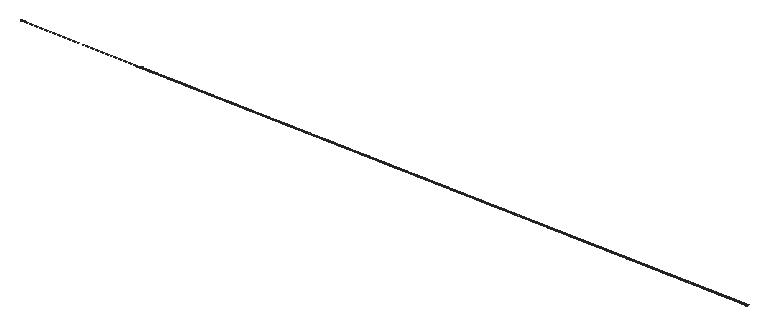
Revit family "Flex Pro IP20_0068183-86", category Lighting Fixtures, host Face, Revit 2017
Family settings
  Host = Face
  Round Connector Dimension = Use Diameter
  Part Type = Normal
  OmniClass Number = 23.80.70.00
  OmniClass Title = Lighting
  Cut with Voids When Loaded = No
  Light Source = Yes
  Shared = No
  Room Calculation Point = No
Parameters (values of type "0068185 FLEX PRO IP20 9700LM 940")
  Weight = "2.0 kg"
  Wattage Comments = ""
  Wattage = 72 W
  WarrantyStartDate [instance] = "n/a"
  WarrantyGuarantorParts = "n/a"
  WarrantyDurationUnit = "n/a"
  WarrantyDurationParts = "n/a"
  WarrantyDescription = "n/a"
  built-in parameter 1150110 = 1 (stored number, unit not read)
  Voltage = 0 V
  URL = "http://www.sylvania-lighting.com"
  TypeName = "Flex Pro IP20 9700lm 940"
  Type Image = <None>
  Type Comments = "n/a"
  built-in parameter 1114217 = 1 (stored number, unit not read)
  Tilt Angle = -90.00°
  built-in parameter 1150109 = 1 (stored number, unit not read)
  built-in parameter 1150134 = 12
  built-in parameter 1150113 = 1 (stored number, unit not read)
  SerialNumber [instance] = "n/a"
  Photometric Web File = "0068185.ies"
  PHOTOMETRY3_SYL = 0 mm
  PHOTOMETRY2_SYL = LUM_WIDTH_SYL  # 5 mm
  PHOTOMETRY1_SYL = LUM_LENGHT_SYL / 2  # 2500 mm
  Material_3_SYL = none
  PowerFactor = 0
  PowerConsumption = "72 W"
  NominalLength = 5000 mm
  NominalHeight = 1.2 mm
  NominalDepth = 10 mm
  Name = "Flex Pro IP20 9700lm 940"
  ModelReference = Name  # "Flex Pro IP20 9700lm 940"
  ModelNumber = "0068185"
  Model = Name  # "Flex Pro IP20 9700lm 940"
  Material = "n/a"
  ManufacturerName = "Feilo Sylvania"
  Manufacturer = "Feilo Sylvania"
  LuminousEfficacy = "133 lm/W"
  built-in parameter 1150105 = 762.03 (stored number, unit not read)
  Lumens = 9576 lm
  LuminaireType = ""
  built-in parameter 1150115 = 1 (stored number, unit not read)
  LightOutputRatio = "n/a"
  built-in parameter 1150137 = (empty or 0)
  built-in parameter 1150139 = (empty or 0)
  LampsType = Lamp  # "LED"
  LampNominalLuminous = "9700 lm"
  LampMacAdamStep = "n/a"
  LampColourTemperature = "4000 K"
  LampColourRenderingIndex = "90"
  built-in parameter 1150112 = 1 (stored number, unit not read)
  built-in parameter 1150114 = 1 (stored number, unit not read)
  Lamp = "LED"
  LUM_WIDTH_SYL = 5 mm
  LUM_LENGHT_SYL!!!! = "MUST BE DIVISIBLE WITH 100"
  LUM_LENGHT_SYL = 5000 mm  # constant formula
  LED_CH_S_WIDTH_SYL = 1.5 mm
  LED_CH_S_DEPTH2_SYL = 1.1 mm
  LED_CH_S_DEPTH1_SYL = 1.2 mm
  LED_CH_L_WIDTH_SYL = 1.7 mm
  LED_CH_L_DIST_SYL = 12.5 mm
  LED_CH_L_DIST1_SYL = 51.7 mm
  LED_CH_L_DEPTH_SYL = 1.4 mm
  Keynote = "16500"
  InstallationDate [instance] = "n/a"
  InputVoltage = "n/a"
  InputNominalFrequency = "n/a"
  built-in parameter 1150132 = (empty or 0)
  built-in parameter 1150102 = (empty or 0)
  built-in parameter 1150107 = 4000 (stored number, unit not read)
  built-in parameter 1150138 = (empty or 0)
  IngressProtection = "IP20"
  ImpactProtectionIndex = "IK00"
  built-in parameter 1150106 = 7.6203 (stored number, unit not read)
  IfcExportType = "IfcLightFixtureType"
  IfcExportAs = "IfcLightFixtureType"
  Emit from Circle Diameter = 609.6 mm
  Emit Shape Visible in Rendering = no
  ElectricShockClassification = "Class III"
  built-in parameter 1150104 = 12.356 (stored number, unit not read)
  DocumentationLiterature = "http://www.sylvania-lighting.com/product/en-int/products/0068185"
  DimmingControlOptions = "n/a"
  Material_2_SYL = Default New Material
  Dimming Lamp Color Temperature Shift = <None>
  Description = ""
  Default Elevation = 1219.2 mm
  CreatedOn = "10/16/2020"
  CreatedBy = "@sylvania-lighting.com"
  Cost = 0
  Color Filter = 16777215
  built-in parameter 1114216 [instance] = (empty or 0)
  ClassificationValue = "EF_70_80"
  ClassificationName = "Uniclass2015"
  Material_1_SYL = Default
  CABLE_LENGHT_SYL = 1000 mm
  CABLE_FIX_SYL = 1 mm
  CABLE_END_SYL = 15 mm
  CABLE_DIST_SYL = 1.5 mm
  CABLE_DIST2_SYL = 1.5 mm
  CABLE_BLEND_SYL = 20 mm
  BarCode [instance] = "n/a"
  built-in parameter 1114218 = 1 (stored number, unit not read)
  built-in parameter 1150133 = 10 (stored number, unit not read)
  AssetType = "Fixed"
  AssetIdentifier [instance] = "n/a"
  Assembly Code = "D5020200"
  Apparent Load = 72 VA
  Material_4_SYL = none
Reference planes
  plane 1 "Center (Front/Back)": y = 0
  plane 2: z = 0
  plane 3 "Center (Left/Right)": x = 0
  plane 4: x = 5000
  plane 5: y = 5
  plane 6: y = -5
  plane 7: x = 1
  plane 8: x = -1000
  plane 9: x = -20
  plane 10: x = -985
  plane 11: y = 1.5
  plane 12: y = -1.5
  plane 13: y = 3.5
  plane 14: y = -3.5
  plane 15: y = 1.7
  plane 16: y = -1.7
  plane 17: y = 1.5
  plane 18: y = -1.5
  plane 19: x = 51.7
  plane 20: x = 64.2
  plane 21: x = 76.7
  plane 22: x = 89.2
  plane 23: x = 101.7
  plane 24: x = 114.2
  plane 25: x = 126.7
  plane 26: x = 139.2
  plane 27: x = 9.4
  plane 28: x = 6.6
  plane 29: x = 19.1
  plane 30: x = 21.9
  plane 31: x = 34.4
  plane 32: x = 31.6
  plane 33: x = 44.1
  plane 34: x = 46.9
  plane 35: x = 56.6
  plane 36: x = 59.4
  plane 37: x = 69.1
  plane 38: x = 71.9
  plane 39: x = 81.6
  plane 40: x = 84.4
  plane 41: x = 94.1
  plane 42: x = 96.9
  plane 43: x = 52.9
  plane 44: x = 50.6
Forms (mm)
  Extrusion 1, solid, material "Default" <- "Material_1_SYL"
    sketch origin (0, 0, 0) x (1, 0, 0) y (0, 1, 0)
      loop
        line (0, 5) -> (0, -5) -> (5000, -5) -> (5000, 5) -> (0, 5)
    from -0.9 to -1.2
  Sweep 2, solid, material "Default New Material" <- "Material_2_SYL"
    path origin (0, 0, 0) x (1, 0, 0) y (0, 1, 0)
      loop
        line (1, 3.5) -> (0, 3.5) -> (-20, 1.5) -> (-985, 1.5)
    profile origin (-10, 2.5, 0) x (0.099504, -0.995037, 0) y (0, 0, 1)
      loop
        circle (0, 0) r 1.399
  Sweep 3, solid, material "Default New Material" <- "Material_2_SYL"
    path origin (0, 0, 0) x (1, 0, 0) y (0, 1, 0)
      loop
        line (1, -3.5) -> (0, -3.5) -> (-20, -1.5) -> (-985, -1.5)
    profile origin (-10, -2.5, 0) x (-0.099504, -0.995037, 0) y (0, 0, 1)
      loop
        circle (0, 0) r 1.353
  Revolve 4, solid
    sketch origin (0, 0, 0) x (1, 0, 0) y (0, 1, 0)
      loop
        line (-985, 1.5) -> (-985, 2.444) -> (-1000, 2.444) -> (-1000, 1.5) -> (-985, 1.5)
      axis (-985, 1.5) -> (-1000, 1.5)
    angle from 360 to 0
  Revolve 5, solid
    sketch origin (0, 0, 0) x (1, 0, 0) y (0, 1, 0)
      loop
        line (-985, -1.5) -> (-1000, -1.5) -> (-1000, -2.423) -> (-985, -2.423) -> (-985, -1.5)
      axis (-985, -1.5) -> (-1000, -1.5)
    angle from 360 to 0
  Extrusion 6, solid
    sketch origin (0, 0, 0) x (1, 0, 0) y (0, 1, 0)
      loop
        line (9.4, -1.7) -> (9.4, 1.7) -> (6.6, 1.7) -> (6.6, -1.7) -> (9.4, -1.7)
      loop
        line (19.1, 1.7) -> (19.1, -1.7) -> (21.9, -1.7) -> (21.9, 1.7) -> (19.1, 1.7)
      loop
        line (34.4, -1.7) -> (34.4, 1.7) -> (31.6, 1.7) -> (31.6, -1.7) -> (34.4, -1.7)
      loop
        line (46.9, -1.7) -> (46.9, 1.7) -> (44.1, 1.7) -> (44.1, -1.7) -> (46.9, -1.7)
      loop
        line (59.4, -1.7) -> (59.4, 1.7) -> (56.6, 1.7) -> (56.6, -1.7) -> (59.4, -1.7)
      loop
        line (71.9, -1.7) -> (71.9, 1.7) -> (69.1, 1.7) -> (69.1, -1.7) -> (71.9, -1.7)
      loop
        line (84.4, -1.7) -> (84.4, 1.7) -> (81.6, 1.7) -> (81.6, -1.7) -> (84.4, -1.7)
      loop
        line (96.9, -1.7) -> (96.9, 1.7) -> (94.1, 1.7) -> (94.1, -1.7) -> (96.9, -1.7)
    from -1.2 to 0
  Extrusion 7, solid
    sketch origin (0, 0, 0) x (1, 0, 0) y (0, 1, 0)
      loop
        line (52.9, -1.5) -> (52.9, 1.5) -> (50.6, 1.5) -> (50.6, -1.5) -> (52.9, -1.5)
    from -1.2 to -0.5
  Extrusion 8, solid
    sketch origin (4896.4, 0, 0) x (1, 0, 0) y (0, 1, 0)
      loop
        line (9.4, -1.7) -> (9.4, 1.7) -> (6.6, 1.7) -> (6.6, -1.7) -> (9.4, -1.7)
      loop
        line (19.1, 1.7) -> (19.1, -1.7) -> (21.9, -1.7) -> (21.9, 1.7) -> (19.1, 1.7)
      loop
        line (34.4, -1.7) -> (34.4, 1.7) -> (31.6, 1.7) -> (31.6, -1.7) -> (34.4, -1.7)
      loop
        line (46.9, -1.7) -> (46.9, 1.7) -> (44.1, 1.7) -> (44.1, -1.7) -> (46.9, -1.7)
      loop
        line (59.4, -1.7) -> (59.4, 1.7) -> (56.6, 1.7) -> (56.6, -1.7) -> (59.4, -1.7)
      loop
        line (71.9, -1.7) -> (71.9, 1.7) -> (69.1, 1.7) -> (69.1, -1.7) -> (71.9, -1.7)
      loop
        line (84.4, -1.7) -> (84.4, 1.7) -> (81.6, 1.7) -> (81.6, -1.7) -> (84.4, -1.7)
      loop
        line (96.9, -1.7) -> (96.9, 1.7) -> (94.1, 1.7) -> (94.1, -1.7) -> (96.9, -1.7)
    from -1.2 to 0
  Extrusion 9, solid
    sketch origin (99.927, 0, 0) x (1, 0, 0) y (0, 1, 0)
      loop
        line (9.4, -1.7) -> (9.4, 1.7) -> (6.6, 1.7) -> (6.6, -1.7) -> (9.4, -1.7)
      loop
        line (19.1, 1.7) -> (19.1, -1.7) -> (21.9, -1.7) -> (21.9, 1.7) -> (19.1, 1.7)
      loop
        line (34.4, -1.7) -> (34.4, 1.7) -> (31.6, 1.7) -> (31.6, -1.7) -> (34.4, -1.7)
      loop
        line (46.9, -1.7) -> (46.9, 1.7) -> (44.1, 1.7) -> (44.1, -1.7) -> (46.9, -1.7)
      loop
        line (59.4, -1.7) -> (59.4, 1.7) -> (56.6, 1.7) -> (56.6, -1.7) -> (59.4, -1.7)
      loop
        line (71.9, -1.7) -> (71.9, 1.7) -> (69.1, 1.7) -> (69.1, -1.7) -> (71.9, -1.7)
      loop
        line (84.4, -1.7) -> (84.4, 1.7) -> (81.6, 1.7) -> (81.6, -1.7) -> (84.4, -1.7)
      loop
        line (96.9, -1.7) -> (96.9, 1.7) -> (94.1, 1.7) -> (94.1, -1.7) -> (96.9, -1.7)
    from -1.2 to 0
  Extrusion 10, solid
    sketch origin (199.853, 0, 0) x (1, 0, 0) y (0, 1, 0)
      loop
        line (9.4, -1.7) -> (9.4, 1.7) -> (6.6, 1.7) -> (6.6, -1.7) -> (9.4, -1.7)
      loop
        line (19.1, 1.7) -> (19.1, -1.7) -> (21.9, -1.7) -> (21.9, 1.7) -> (19.1, 1.7)
      loop
        line (34.4, -1.7) -> (34.4, 1.7) -> (31.6, 1.7) -> (31.6, -1.7) -> (34.4, -1.7)
      loop
        line (46.9, -1.7) -> (46.9, 1.7) -> (44.1, 1.7) -> (44.1, -1.7) -> (46.9, -1.7)
      loop
        line (59.4, -1.7) -> (59.4, 1.7) -> (56.6, 1.7) -> (56.6, -1.7) -> (59.4, -1.7)
      loop
        line (71.9, -1.7) -> (71.9, 1.7) -> (69.1, 1.7) -> (69.1, -1.7) -> (71.9, -1.7)
      loop
        line (84.4, -1.7) -> (84.4, 1.7) -> (81.6, 1.7) -> (81.6, -1.7) -> (84.4, -1.7)
      loop
        line (96.9, -1.7) -> (96.9, 1.7) -> (94.1, 1.7) -> (94.1, -1.7) -> (96.9, -1.7)
    from -1.2 to 0
  Extrusion 11, solid
    sketch origin (299.78, 0, 0) x (1, 0, 0) y (0, 1, 0)
      loop
        line (9.4, -1.7) -> (9.4, 1.7) -> (6.6, 1.7) -> (6.6, -1.7) -> (9.4, -1.7)
      loop
        line (19.1, 1.7) -> (19.1, -1.7) -> (21.9, -1.7) -> (21.9, 1.7) -> (19.1, 1.7)
      loop
        line (34.4, -1.7) -> (34.4, 1.7) -> (31.6, 1.7) -> (31.6, -1.7) -> (34.4, -1.7)
      loop
        line (46.9, -1.7) -> (46.9, 1.7) -> (44.1, 1.7) -> (44.1, -1.7) -> (46.9, -1.7)
      loop
        line (59.4, -1.7) -> (59.4, 1.7) -> (56.6, 1.7) -> (56.6, -1.7) -> (59.4, -1.7)
      loop
        line (71.9, -1.7) -> (71.9, 1.7) -> (69.1, 1.7) -> (69.1, -1.7) -> (71.9, -1.7)
      loop
        line (84.4, -1.7) -> (84.4, 1.7) -> (81.6, 1.7) -> (81.6, -1.7) -> (84.4, -1.7)
      loop
        line (96.9, -1.7) -> (96.9, 1.7) -> (94.1, 1.7) -> (94.1, -1.7) -> (96.9, -1.7)
    from -1.2 to 0
  Extrusion 12, solid
    sketch origin (399.706, 0, 0) x (1, 0, 0) y (0, 1, 0)
      loop
        line (9.4, -1.7) -> (9.4, 1.7) -> (6.6, 1.7) -> (6.6, -1.7) -> (9.4, -1.7)
      loop
        line (19.1, 1.7) -> (19.1, -1.7) -> (21.9, -1.7) -> (21.9, 1.7) -> (19.1, 1.7)
      loop
        line (34.4, -1.7) -> (34.4, 1.7) -> (31.6, 1.7) -> (31.6, -1.7) -> (34.4, -1.7)
      loop
        line (46.9, -1.7) -> (46.9, 1.7) -> (44.1, 1.7) -> (44.1, -1.7) -> (46.9, -1.7)
      loop
        line (59.4, -1.7) -> (59.4, 1.7) -> (56.6, 1.7) -> (56.6, -1.7) -> (59.4, -1.7)
      loop
        line (71.9, -1.7) -> (71.9, 1.7) -> (69.1, 1.7) -> (69.1, -1.7) -> (71.9, -1.7)
      loop
        line (84.4, -1.7) -> (84.4, 1.7) -> (81.6, 1.7) -> (81.6, -1.7) -> (84.4, -1.7)
      loop
        line (96.9, -1.7) -> (96.9, 1.7) -> (94.1, 1.7) -> (94.1, -1.7) -> (96.9, -1.7)
    from -1.2 to 0
  Extrusion 13, solid
    sketch origin (499.633, 0, 0) x (1, 0, 0) y (0, 1, 0)
      loop
        line (9.4, -1.7) -> (9.4, 1.7) -> (6.6, 1.7) -> (6.6, -1.7) -> (9.4, -1.7)
      loop
        line (19.1, 1.7) -> (19.1, -1.7) -> (21.9, -1.7) -> (21.9, 1.7) -> (19.1, 1.7)
      loop
        line (34.4, -1.7) -> (34.4, 1.7) -> (31.6, 1.7) -> (31.6, -1.7) -> (34.4, -1.7)
      loop
        line (46.9, -1.7) -> (46.9, 1.7) -> (44.1, 1.7) -> (44.1, -1.7) -> (46.9, -1.7)
      loop
        line (59.4, -1.7) -> (59.4, 1.7) -> (56.6, 1.7) -> (56.6, -1.7) -> (59.4, -1.7)
      loop
        line (71.9, -1.7) -> (71.9, 1.7) -> (69.1, 1.7) -> (69.1, -1.7) -> (71.9, -1.7)
      loop
        line (84.4, -1.7) -> (84.4, 1.7) -> (81.6, 1.7) -> (81.6, -1.7) -> (84.4, -1.7)
      loop
        line (96.9, -1.7) -> (96.9, 1.7) -> (94.1, 1.7) -> (94.1, -1.7) -> (96.9, -1.7)
    from -1.2 to 0
  Extrusion 14, solid
    sketch origin (599.559, 0, 0) x (1, 0, 0) y (0, 1, 0)
      loop
        line (9.4, -1.7) -> (9.4, 1.7) -> (6.6, 1.7) -> (6.6, -1.7) -> (9.4, -1.7)
      loop
        line (19.1, 1.7) -> (19.1, -1.7) -> (21.9, -1.7) -> (21.9, 1.7) -> (19.1, 1.7)
      loop
        line (34.4, -1.7) -> (34.4, 1.7) -> (31.6, 1.7) -> (31.6, -1.7) -> (34.4, -1.7)
      loop
        line (46.9, -1.7) -> (46.9, 1.7) -> (44.1, 1.7) -> (44.1, -1.7) -> (46.9, -1.7)
      loop
        line (59.4, -1.7) -> (59.4, 1.7) -> (56.6, 1.7) -> (56.6, -1.7) -> (59.4, -1.7)
      loop
        line (71.9, -1.7) -> (71.9, 1.7) -> (69.1, 1.7) -> (69.1, -1.7) -> (71.9, -1.7)
      loop
        line (84.4, -1.7) -> (84.4, 1.7) -> (81.6, 1.7) -> (81.6, -1.7) -> (84.4, -1.7)
      loop
        line (96.9, -1.7) -> (96.9, 1.7) -> (94.1, 1.7) -> (94.1, -1.7) -> (96.9, -1.7)
    from -1.2 to 0
  Extrusion 15, solid
    sketch origin (699.486, 0, 0) x (1, 0, 0) y (0, 1, 0)
      loop
        line (9.4, -1.7) -> (9.4, 1.7) -> (6.6, 1.7) -> (6.6, -1.7) -> (9.4, -1.7)
      loop
        line (19.1, 1.7) -> (19.1, -1.7) -> (21.9, -1.7) -> (21.9, 1.7) -> (19.1, 1.7)
      loop
        line (34.4, -1.7) -> (34.4, 1.7) -> (31.6, 1.7) -> (31.6, -1.7) -> (34.4, -1.7)
      loop
        line (46.9, -1.7) -> (46.9, 1.7) -> (44.1, 1.7) -> (44.1, -1.7) -> (46.9, -1.7)
      loop
        line (59.4, -1.7) -> (59.4, 1.7) -> (56.6, 1.7) -> (56.6, -1.7) -> (59.4, -1.7)
      loop
        line (71.9, -1.7) -> (71.9, 1.7) -> (69.1, 1.7) -> (69.1, -1.7) -> (71.9, -1.7)
      loop
        line (84.4, -1.7) -> (84.4, 1.7) -> (81.6, 1.7) -> (81.6, -1.7) -> (84.4, -1.7)
      loop
        line (96.9, -1.7) -> (96.9, 1.7) -> (94.1, 1.7) -> (94.1, -1.7) -> (96.9, -1.7)
    from -1.2 to 0
  Extrusion 16, solid
    sketch origin (799.412, 0, 0) x (1, 0, 0) y (0, 1, 0)
      loop
        line (9.4, -1.7) -> (9.4, 1.7) -> (6.6, 1.7) -> (6.6, -1.7) -> (9.4, -1.7)
      loop
        line (19.1, 1.7) -> (19.1, -1.7) -> (21.9, -1.7) -> (21.9, 1.7) -> (19.1, 1.7)
      loop
        line (34.4, -1.7) -> (34.4, 1.7) -> (31.6, 1.7) -> (31.6, -1.7) -> (34.4, -1.7)
      loop
        line (46.9, -1.7) -> (46.9, 1.7) -> (44.1, 1.7) -> (44.1, -1.7) -> (46.9, -1.7)
      loop
        line (59.4, -1.7) -> (59.4, 1.7) -> (56.6, 1.7) -> (56.6, -1.7) -> (59.4, -1.7)
      loop
        line (71.9, -1.7) -> (71.9, 1.7) -> (69.1, 1.7) -> (69.1, -1.7) -> (71.9, -1.7)
      loop
        line (84.4, -1.7) -> (84.4, 1.7) -> (81.6, 1.7) -> (81.6, -1.7) -> (84.4, -1.7)
      loop
        line (96.9, -1.7) -> (96.9, 1.7) -> (94.1, 1.7) -> (94.1, -1.7) -> (96.9, -1.7)
    from -1.2 to 0
  Extrusion 17, solid
    sketch origin (899.339, 0, 0) x (1, 0, 0) y (0, 1, 0)
      loop
        line (9.4, -1.7) -> (9.4, 1.7) -> (6.6, 1.7) -> (6.6, -1.7) -> (9.4, -1.7)
      loop
        line (19.1, 1.7) -> (19.1, -1.7) -> (21.9, -1.7) -> (21.9, 1.7) -> (19.1, 1.7)
      loop
        line (34.4, -1.7) -> (34.4, 1.7) -> (31.6, 1.7) -> (31.6, -1.7) -> (34.4, -1.7)
      loop
        line (46.9, -1.7) -> (46.9, 1.7) -> (44.1, 1.7) -> (44.1, -1.7) -> (46.9, -1.7)
      loop
        line (59.4, -1.7) -> (59.4, 1.7) -> (56.6, 1.7) -> (56.6, -1.7) -> (59.4, -1.7)
      loop
        line (71.9, -1.7) -> (71.9, 1.7) -> (69.1, 1.7) -> (69.1, -1.7) -> (71.9, -1.7)
      loop
        line (84.4, -1.7) -> (84.4, 1.7) -> (81.6, 1.7) -> (81.6, -1.7) -> (84.4, -1.7)
      loop
        line (96.9, -1.7) -> (96.9, 1.7) -> (94.1, 1.7) -> (94.1, -1.7) -> (96.9, -1.7)
    from -1.2 to 0
  Extrusion 18, solid
    sketch origin (999.265, 0, 0) x (1, 0, 0) y (0, 1, 0)
      loop
        line (9.4, -1.7) -> (9.4, 1.7) -> (6.6, 1.7) -> (6.6, -1.7) -> (9.4, -1.7)
      loop
        line (19.1, 1.7) -> (19.1, -1.7) -> (21.9, -1.7) -> (21.9, 1.7) -> (19.1, 1.7)
      loop
        line (34.4, -1.7) -> (34.4, 1.7) -> (31.6, 1.7) -> (31.6, -1.7) -> (34.4, -1.7)
      loop
        line (46.9, -1.7) -> (46.9, 1.7) -> (44.1, 1.7) -> (44.1, -1.7) -> (46.9, -1.7)
      loop
        line (59.4, -1.7) -> (59.4, 1.7) -> (56.6, 1.7) -> (56.6, -1.7) -> (59.4, -1.7)
      loop
        line (71.9, -1.7) -> (71.9, 1.7) -> (69.1, 1.7) -> (69.1, -1.7) -> (71.9, -1.7)
      loop
        line (84.4, -1.7) -> (84.4, 1.7) -> (81.6, 1.7) -> (81.6, -1.7) -> (84.4, -1.7)
      loop
        line (96.9, -1.7) -> (96.9, 1.7) -> (94.1, 1.7) -> (94.1, -1.7) -> (96.9, -1.7)
    from -1.2 to 0
  Extrusion 19, solid
    sketch origin (1099.192, 0, 0) x (1, 0, 0) y (0, 1, 0)
      loop
        line (9.4, -1.7) -> (9.4, 1.7) -> (6.6, 1.7) -> (6.6, -1.7) -> (9.4, -1.7)
      loop
        line (19.1, 1.7) -> (19.1, -1.7) -> (21.9, -1.7) -> (21.9, 1.7) -> (19.1, 1.7)
      loop
        line (34.4, -1.7) -> (34.4, 1.7) -> (31.6, 1.7) -> (31.6, -1.7) -> (34.4, -1.7)
      loop
        line (46.9, -1.7) -> (46.9, 1.7) -> (44.1, 1.7) -> (44.1, -1.7) -> (46.9, -1.7)
      loop
        line (59.4, -1.7) -> (59.4, 1.7) -> (56.6, 1.7) -> (56.6, -1.7) -> (59.4, -1.7)
      loop
        line (71.9, -1.7) -> (71.9, 1.7) -> (69.1, 1.7) -> (69.1, -1.7) -> (71.9, -1.7)
      loop
        line (84.4, -1.7) -> (84.4, 1.7) -> (81.6, 1.7) -> (81.6, -1.7) -> (84.4, -1.7)
      loop
        line (96.9, -1.7) -> (96.9, 1.7) -> (94.1, 1.7) -> (94.1, -1.7) -> (96.9, -1.7)
    from -1.2 to 0
  Extrusion 20, solid
    sketch origin (1199.118, 0, 0) x (1, 0, 0) y (0, 1, 0)
      loop
        line (9.4, -1.7) -> (9.4, 1.7) -> (6.6, 1.7) -> (6.6, -1.7) -> (9.4, -1.7)
      loop
        line (19.1, 1.7) -> (19.1, -1.7) -> (21.9, -1.7) -> (21.9, 1.7) -> (19.1, 1.7)
      loop
        line (34.4, -1.7) -> (34.4, 1.7) -> (31.6, 1.7) -> (31.6, -1.7) -> (34.4, -1.7)
      loop
        line (46.9, -1.7) -> (46.9, 1.7) -> (44.1, 1.7) -> (44.1, -1.7) -> (46.9, -1.7)
      loop
        line (59.4, -1.7) -> (59.4, 1.7) -> (56.6, 1.7) -> (56.6, -1.7) -> (59.4, -1.7)
      loop
        line (71.9, -1.7) -> (71.9, 1.7) -> (69.1, 1.7) -> (69.1, -1.7) -> (71.9, -1.7)
      loop
        line (84.4, -1.7) -> (84.4, 1.7) -> (81.6, 1.7) -> (81.6, -1.7) -> (84.4, -1.7)
      loop
        line (96.9, -1.7) -> (96.9, 1.7) -> (94.1, 1.7) -> (94.1, -1.7) -> (96.9, -1.7)
    from -1.2 to 0
  Extrusion 21, solid
    sketch origin (1299.045, 0, 0) x (1, 0, 0) y (0, 1, 0)
      loop
        line (9.4, -1.7) -> (9.4, 1.7) -> (6.6, 1.7) -> (6.6, -1.7) -> (9.4, -1.7)
      loop
        line (19.1, 1.7) -> (19.1, -1.7) -> (21.9, -1.7) -> (21.9, 1.7) -> (19.1, 1.7)
      loop
        line (34.4, -1.7) -> (34.4, 1.7) -> (31.6, 1.7) -> (31.6, -1.7) -> (34.4, -1.7)
      loop
        line (46.9, -1.7) -> (46.9, 1.7) -> (44.1, 1.7) -> (44.1, -1.7) -> (46.9, -1.7)
      loop
        line (59.4, -1.7) -> (59.4, 1.7) -> (56.6, 1.7) -> (56.6, -1.7) -> (59.4, -1.7)
      loop
        line (71.9, -1.7) -> (71.9, 1.7) -> (69.1, 1.7) -> (69.1, -1.7) -> (71.9, -1.7)
      loop
        line (84.4, -1.7) -> (84.4, 1.7) -> (81.6, 1.7) -> (81.6, -1.7) -> (84.4, -1.7)
      loop
        line (96.9, -1.7) -> (96.9, 1.7) -> (94.1, 1.7) -> (94.1, -1.7) -> (96.9, -1.7)
    from -1.2 to 0
  Extrusion 22, solid
    sketch origin (1398.971, 0, 0) x (1, 0, 0) y (0, 1, 0)
      loop
        line (9.4, -1.7) -> (9.4, 1.7) -> (6.6, 1.7) -> (6.6, -1.7) -> (9.4, -1.7)
      loop
        line (19.1, 1.7) -> (19.1, -1.7) -> (21.9, -1.7) -> (21.9, 1.7) -> (19.1, 1.7)
      loop
        line (34.4, -1.7) -> (34.4, 1.7) -> (31.6, 1.7) -> (31.6, -1.7) -> (34.4, -1.7)
      loop
        line (46.9, -1.7) -> (46.9, 1.7) -> (44.1, 1.7) -> (44.1, -1.7) -> (46.9, -1.7)
      loop
        line (59.4, -1.7) -> (59.4, 1.7) -> (56.6, 1.7) -> (56.6, -1.7) -> (59.4, -1.7)
      loop
        line (71.9, -1.7) -> (71.9, 1.7) -> (69.1, 1.7) -> (69.1, -1.7) -> (71.9, -1.7)
      loop
        line (84.4, -1.7) -> (84.4, 1.7) -> (81.6, 1.7) -> (81.6, -1.7) -> (84.4, -1.7)
      loop
        line (96.9, -1.7) -> (96.9, 1.7) -> (94.1, 1.7) -> (94.1, -1.7) -> (96.9, -1.7)
    from -1.2 to 0
  Extrusion 23, solid
    sketch origin (1498.898, 0, 0) x (1, 0, 0) y (0, 1, 0)
      loop
        line (9.4, -1.7) -> (9.4, 1.7) -> (6.6, 1.7) -> (6.6, -1.7) -> (9.4, -1.7)
      loop
        line (19.1, 1.7) -> (19.1, -1.7) -> (21.9, -1.7) -> (21.9, 1.7) -> (19.1, 1.7)
      loop
        line (34.4, -1.7) -> (34.4, 1.7) -> (31.6, 1.7) -> (31.6, -1.7) -> (34.4, -1.7)
      loop
        line (46.9, -1.7) -> (46.9, 1.7) -> (44.1, 1.7) -> (44.1, -1.7) -> (46.9, -1.7)
      loop
        line (59.4, -1.7) -> (59.4, 1.7) -> (56.6, 1.7) -> (56.6, -1.7) -> (59.4, -1.7)
      loop
        line (71.9, -1.7) -> (71.9, 1.7) -> (69.1, 1.7) -> (69.1, -1.7) -> (71.9, -1.7)
      loop
        line (84.4, -1.7) -> (84.4, 1.7) -> (81.6, 1.7) -> (81.6, -1.7) -> (84.4, -1.7)
      loop
        line (96.9, -1.7) -> (96.9, 1.7) -> (94.1, 1.7) -> (94.1, -1.7) -> (96.9, -1.7)
    from -1.2 to 0
  Extrusion 24, solid
    sketch origin (1598.824, 0, 0) x (1, 0, 0) y (0, 1, 0)
      loop
        line (9.4, -1.7) -> (9.4, 1.7) -> (6.6, 1.7) -> (6.6, -1.7) -> (9.4, -1.7)
      loop
        line (19.1, 1.7) -> (19.1, -1.7) -> (21.9, -1.7) -> (21.9, 1.7) -> (19.1, 1.7)
      loop
        line (34.4, -1.7) -> (34.4, 1.7) -> (31.6, 1.7) -> (31.6, -1.7) -> (34.4, -1.7)
      loop
        line (46.9, -1.7) -> (46.9, 1.7) -> (44.1, 1.7) -> (44.1, -1.7) -> (46.9, -1.7)
      loop
        line (59.4, -1.7) -> (59.4, 1.7) -> (56.6, 1.7) -> (56.6, -1.7) -> (59.4, -1.7)
      loop
        line (71.9, -1.7) -> (71.9, 1.7) -> (69.1, 1.7) -> (69.1, -1.7) -> (71.9, -1.7)
      loop
        line (84.4, -1.7) -> (84.4, 1.7) -> (81.6, 1.7) -> (81.6, -1.7) -> (84.4, -1.7)
      loop
        line (96.9, -1.7) -> (96.9, 1.7) -> (94.1, 1.7) -> (94.1, -1.7) -> (96.9, -1.7)
    from -1.2 to 0
  Extrusion 25, solid
    sketch origin (1698.751, 0, 0) x (1, 0, 0) y (0, 1, 0)
      loop
        line (9.4, -1.7) -> (9.4, 1.7) -> (6.6, 1.7) -> (6.6, -1.7) -> (9.4, -1.7)
      loop
        line (19.1, 1.7) -> (19.1, -1.7) -> (21.9, -1.7) -> (21.9, 1.7) -> (19.1, 1.7)
      loop
        line (34.4, -1.7) -> (34.4, 1.7) -> (31.6, 1.7) -> (31.6, -1.7) -> (34.4, -1.7)
      loop
        line (46.9, -1.7) -> (46.9, 1.7) -> (44.1, 1.7) -> (44.1, -1.7) -> (46.9, -1.7)
      loop
        line (59.4, -1.7) -> (59.4, 1.7) -> (56.6, 1.7) -> (56.6, -1.7) -> (59.4, -1.7)
      loop
        line (71.9, -1.7) -> (71.9, 1.7) -> (69.1, 1.7) -> (69.1, -1.7) -> (71.9, -1.7)
      loop
        line (84.4, -1.7) -> (84.4, 1.7) -> (81.6, 1.7) -> (81.6, -1.7) -> (84.4, -1.7)
      loop
        line (96.9, -1.7) -> (96.9, 1.7) -> (94.1, 1.7) -> (94.1, -1.7) -> (96.9, -1.7)
    from -1.2 to 0
  Extrusion 26, solid
    sketch origin (1798.678, 0, 0) x (1, 0, 0) y (0, 1, 0)
      loop
        line (9.4, -1.7) -> (9.4, 1.7) -> (6.6, 1.7) -> (6.6, -1.7) -> (9.4, -1.7)
      loop
        line (19.1, 1.7) -> (19.1, -1.7) -> (21.9, -1.7) -> (21.9, 1.7) -> (19.1, 1.7)
      loop
        line (34.4, -1.7) -> (34.4, 1.7) -> (31.6, 1.7) -> (31.6, -1.7) -> (34.4, -1.7)
      loop
        line (46.9, -1.7) -> (46.9, 1.7) -> (44.1, 1.7) -> (44.1, -1.7) -> (46.9, -1.7)
      loop
        line (59.4, -1.7) -> (59.4, 1.7) -> (56.6, 1.7) -> (56.6, -1.7) -> (59.4, -1.7)
      loop
        line (71.9, -1.7) -> (71.9, 1.7) -> (69.1, 1.7) -> (69.1, -1.7) -> (71.9, -1.7)
      loop
        line (84.4, -1.7) -> (84.4, 1.7) -> (81.6, 1.7) -> (81.6, -1.7) -> (84.4, -1.7)
      loop
        line (96.9, -1.7) -> (96.9, 1.7) -> (94.1, 1.7) -> (94.1, -1.7) -> (96.9, -1.7)
    from -1.2 to 0
  Extrusion 27, solid
    sketch origin (1898.604, 0, 0) x (1, 0, 0) y (0, 1, 0)
      loop
        line (9.4, -1.7) -> (9.4, 1.7) -> (6.6, 1.7) -> (6.6, -1.7) -> (9.4, -1.7)
      loop
        line (19.1, 1.7) -> (19.1, -1.7) -> (21.9, -1.7) -> (21.9, 1.7) -> (19.1, 1.7)
      loop
        line (34.4, -1.7) -> (34.4, 1.7) -> (31.6, 1.7) -> (31.6, -1.7) -> (34.4, -1.7)
      loop
        line (46.9, -1.7) -> (46.9, 1.7) -> (44.1, 1.7) -> (44.1, -1.7) -> (46.9, -1.7)
      loop
        line (59.4, -1.7) -> (59.4, 1.7) -> (56.6, 1.7) -> (56.6, -1.7) -> (59.4, -1.7)
      loop
        line (71.9, -1.7) -> (71.9, 1.7) -> (69.1, 1.7) -> (69.1, -1.7) -> (71.9, -1.7)
      loop
        line (84.4, -1.7) -> (84.4, 1.7) -> (81.6, 1.7) -> (81.6, -1.7) -> (84.4, -1.7)
      loop
        line (96.9, -1.7) -> (96.9, 1.7) -> (94.1, 1.7) -> (94.1, -1.7) -> (96.9, -1.7)
    from -1.2 to 0
  Extrusion 28, solid
    sketch origin (1998.531, 0, 0) x (1, 0, 0) y (0, 1, 0)
      loop
        line (9.4, -1.7) -> (9.4, 1.7) -> (6.6, 1.7) -> (6.6, -1.7) -> (9.4, -1.7)
      loop
        line (19.1, 1.7) -> (19.1, -1.7) -> (21.9, -1.7) -> (21.9, 1.7) -> (19.1, 1.7)
      loop
        line (34.4, -1.7) -> (34.4, 1.7) -> (31.6, 1.7) -> (31.6, -1.7) -> (34.4, -1.7)
      loop
        line (46.9, -1.7) -> (46.9, 1.7) -> (44.1, 1.7) -> (44.1, -1.7) -> (46.9, -1.7)
      loop
        line (59.4, -1.7) -> (59.4, 1.7) -> (56.6, 1.7) -> (56.6, -1.7) -> (59.4, -1.7)
      loop
        line (71.9, -1.7) -> (71.9, 1.7) -> (69.1, 1.7) -> (69.1, -1.7) -> (71.9, -1.7)
      loop
        line (84.4, -1.7) -> (84.4, 1.7) -> (81.6, 1.7) -> (81.6, -1.7) -> (84.4, -1.7)
      loop
        line (96.9, -1.7) -> (96.9, 1.7) -> (94.1, 1.7) -> (94.1, -1.7) -> (96.9, -1.7)
    from -1.2 to 0
  Extrusion 29, solid
    sketch origin (2098.457, 0, 0) x (1, 0, 0) y (0, 1, 0)
      loop
        line (9.4, -1.7) -> (9.4, 1.7) -> (6.6, 1.7) -> (6.6, -1.7) -> (9.4, -1.7)
      loop
        line (19.1, 1.7) -> (19.1, -1.7) -> (21.9, -1.7) -> (21.9, 1.7) -> (19.1, 1.7)
      loop
        line (34.4, -1.7) -> (34.4, 1.7) -> (31.6, 1.7) -> (31.6, -1.7) -> (34.4, -1.7)
      loop
        line (46.9, -1.7) -> (46.9, 1.7) -> (44.1, 1.7) -> (44.1, -1.7) -> (46.9, -1.7)
      loop
        line (59.4, -1.7) -> (59.4, 1.7) -> (56.6, 1.7) -> (56.6, -1.7) -> (59.4, -1.7)
      loop
        line (71.9, -1.7) -> (71.9, 1.7) -> (69.1, 1.7) -> (69.1, -1.7) -> (71.9, -1.7)
      loop
        line (84.4, -1.7) -> (84.4, 1.7) -> (81.6, 1.7) -> (81.6, -1.7) -> (84.4, -1.7)
      loop
        line (96.9, -1.7) -> (96.9, 1.7) -> (94.1, 1.7) -> (94.1, -1.7) -> (96.9, -1.7)
    from -1.2 to 0
  Extrusion 30, solid
    sketch origin (2198.384, 0, 0) x (1, 0, 0) y (0, 1, 0)
      loop
        line (9.4, -1.7) -> (9.4, 1.7) -> (6.6, 1.7) -> (6.6, -1.7) -> (9.4, -1.7)
      loop
        line (19.1, 1.7) -> (19.1, -1.7) -> (21.9, -1.7) -> (21.9, 1.7) -> (19.1, 1.7)
      loop
        line (34.4, -1.7) -> (34.4, 1.7) -> (31.6, 1.7) -> (31.6, -1.7) -> (34.4, -1.7)
      loop
        line (46.9, -1.7) -> (46.9, 1.7) -> (44.1, 1.7) -> (44.1, -1.7) -> (46.9, -1.7)
      loop
        line (59.4, -1.7) -> (59.4, 1.7) -> (56.6, 1.7) -> (56.6, -1.7) -> (59.4, -1.7)
      loop
        line (71.9, -1.7) -> (71.9, 1.7) -> (69.1, 1.7) -> (69.1, -1.7) -> (71.9, -1.7)
      loop
        line (84.4, -1.7) -> (84.4, 1.7) -> (81.6, 1.7) -> (81.6, -1.7) -> (84.4, -1.7)
      loop
        line (96.9, -1.7) -> (96.9, 1.7) -> (94.1, 1.7) -> (94.1, -1.7) -> (96.9, -1.7)
    from -1.2 to 0
  Extrusion 31, solid
    sketch origin (2298.31, 0, 0) x (1, 0, 0) y (0, 1, 0)
      loop
        line (9.4, -1.7) -> (9.4, 1.7) -> (6.6, 1.7) -> (6.6, -1.7) -> (9.4, -1.7)
      loop
        line (19.1, 1.7) -> (19.1, -1.7) -> (21.9, -1.7) -> (21.9, 1.7) -> (19.1, 1.7)
      loop
        line (34.4, -1.7) -> (34.4, 1.7) -> (31.6, 1.7) -> (31.6, -1.7) -> (34.4, -1.7)
      loop
        line (46.9, -1.7) -> (46.9, 1.7) -> (44.1, 1.7) -> (44.1, -1.7) -> (46.9, -1.7)
      loop
        line (59.4, -1.7) -> (59.4, 1.7) -> (56.6, 1.7) -> (56.6, -1.7) -> (59.4, -1.7)
      loop
        line (71.9, -1.7) -> (71.9, 1.7) -> (69.1, 1.7) -> (69.1, -1.7) -> (71.9, -1.7)
      loop
        line (84.4, -1.7) -> (84.4, 1.7) -> (81.6, 1.7) -> (81.6, -1.7) -> (84.4, -1.7)
      loop
        line (96.9, -1.7) -> (96.9, 1.7) -> (94.1, 1.7) -> (94.1, -1.7) -> (96.9, -1.7)
    from -1.2 to 0
  Extrusion 32, solid
    sketch origin (2398.237, 0, 0) x (1, 0, 0) y (0, 1, 0)
      loop
        line (9.4, -1.7) -> (9.4, 1.7) -> (6.6, 1.7) -> (6.6, -1.7) -> (9.4, -1.7)
      loop
        line (19.1, 1.7) -> (19.1, -1.7) -> (21.9, -1.7) -> (21.9, 1.7) -> (19.1, 1.7)
      loop
        line (34.4, -1.7) -> (34.4, 1.7) -> (31.6, 1.7) -> (31.6, -1.7) -> (34.4, -1.7)
      loop
        line (46.9, -1.7) -> (46.9, 1.7) -> (44.1, 1.7) -> (44.1, -1.7) -> (46.9, -1.7)
      loop
        line (59.4, -1.7) -> (59.4, 1.7) -> (56.6, 1.7) -> (56.6, -1.7) -> (59.4, -1.7)
      loop
        line (71.9, -1.7) -> (71.9, 1.7) -> (69.1, 1.7) -> (69.1, -1.7) -> (71.9, -1.7)
      loop
        line (84.4, -1.7) -> (84.4, 1.7) -> (81.6, 1.7) -> (81.6, -1.7) -> (84.4, -1.7)
      loop
        line (96.9, -1.7) -> (96.9, 1.7) -> (94.1, 1.7) -> (94.1, -1.7) -> (96.9, -1.7)
    from -1.2 to 0
  Extrusion 33, solid
    sketch origin (2498.163, 0, 0) x (1, 0, 0) y (0, 1, 0)
      loop
        line (9.4, -1.7) -> (9.4, 1.7) -> (6.6, 1.7) -> (6.6, -1.7) -> (9.4, -1.7)
      loop
        line (19.1, 1.7) -> (19.1, -1.7) -> (21.9, -1.7) -> (21.9, 1.7) -> (19.1, 1.7)
      loop
        line (34.4, -1.7) -> (34.4, 1.7) -> (31.6, 1.7) -> (31.6, -1.7) -> (34.4, -1.7)
      loop
        line (46.9, -1.7) -> (46.9, 1.7) -> (44.1, 1.7) -> (44.1, -1.7) -> (46.9, -1.7)
      loop
        line (59.4, -1.7) -> (59.4, 1.7) -> (56.6, 1.7) -> (56.6, -1.7) -> (59.4, -1.7)
      loop
        line (71.9, -1.7) -> (71.9, 1.7) -> (69.1, 1.7) -> (69.1, -1.7) -> (71.9, -1.7)
      loop
        line (84.4, -1.7) -> (84.4, 1.7) -> (81.6, 1.7) -> (81.6, -1.7) -> (84.4, -1.7)
      loop
        line (96.9, -1.7) -> (96.9, 1.7) -> (94.1, 1.7) -> (94.1, -1.7) -> (96.9, -1.7)
    from -1.2 to 0
  Extrusion 34, solid
    sketch origin (2598.09, 0, 0) x (1, 0, 0) y (0, 1, 0)
      loop
        line (9.4, -1.7) -> (9.4, 1.7) -> (6.6, 1.7) -> (6.6, -1.7) -> (9.4, -1.7)
      loop
        line (19.1, 1.7) -> (19.1, -1.7) -> (21.9, -1.7) -> (21.9, 1.7) -> (19.1, 1.7)
      loop
        line (34.4, -1.7) -> (34.4, 1.7) -> (31.6, 1.7) -> (31.6, -1.7) -> (34.4, -1.7)
      loop
        line (46.9, -1.7) -> (46.9, 1.7) -> (44.1, 1.7) -> (44.1, -1.7) -> (46.9, -1.7)
      loop
        line (59.4, -1.7) -> (59.4, 1.7) -> (56.6, 1.7) -> (56.6, -1.7) -> (59.4, -1.7)
      loop
        line (71.9, -1.7) -> (71.9, 1.7) -> (69.1, 1.7) -> (69.1, -1.7) -> (71.9, -1.7)
      loop
        line (84.4, -1.7) -> (84.4, 1.7) -> (81.6, 1.7) -> (81.6, -1.7) -> (84.4, -1.7)
      loop
        line (96.9, -1.7) -> (96.9, 1.7) -> (94.1, 1.7) -> (94.1, -1.7) -> (96.9, -1.7)
    from -1.2 to 0
  Extrusion 35, solid
    sketch origin (2698.016, 0, 0) x (1, 0, 0) y (0, 1, 0)
      loop
        line (9.4, -1.7) -> (9.4, 1.7) -> (6.6, 1.7) -> (6.6, -1.7) -> (9.4, -1.7)
      loop
        line (19.1, 1.7) -> (19.1, -1.7) -> (21.9, -1.7) -> (21.9, 1.7) -> (19.1, 1.7)
      loop
        line (34.4, -1.7) -> (34.4, 1.7) -> (31.6, 1.7) -> (31.6, -1.7) -> (34.4, -1.7)
      loop
        line (46.9, -1.7) -> (46.9, 1.7) -> (44.1, 1.7) -> (44.1, -1.7) -> (46.9, -1.7)
      loop
        line (59.4, -1.7) -> (59.4, 1.7) -> (56.6, 1.7) -> (56.6, -1.7) -> (59.4, -1.7)
      loop
        line (71.9, -1.7) -> (71.9, 1.7) -> (69.1, 1.7) -> (69.1, -1.7) -> (71.9, -1.7)
      loop
        line (84.4, -1.7) -> (84.4, 1.7) -> (81.6, 1.7) -> (81.6, -1.7) -> (84.4, -1.7)
      loop
        line (96.9, -1.7) -> (96.9, 1.7) -> (94.1, 1.7) -> (94.1, -1.7) -> (96.9, -1.7)
    from -1.2 to 0
  Extrusion 36, solid
    sketch origin (2797.943, 0, 0) x (1, 0, 0) y (0, 1, 0)
      loop
        line (9.4, -1.7) -> (9.4, 1.7) -> (6.6, 1.7) -> (6.6, -1.7) -> (9.4, -1.7)
      loop
        line (19.1, 1.7) -> (19.1, -1.7) -> (21.9, -1.7) -> (21.9, 1.7) -> (19.1, 1.7)
      loop
        line (34.4, -1.7) -> (34.4, 1.7) -> (31.6, 1.7) -> (31.6, -1.7) -> (34.4, -1.7)
      loop
        line (46.9, -1.7) -> (46.9, 1.7) -> (44.1, 1.7) -> (44.1, -1.7) -> (46.9, -1.7)
      loop
        line (59.4, -1.7) -> (59.4, 1.7) -> (56.6, 1.7) -> (56.6, -1.7) -> (59.4, -1.7)
      loop
        line (71.9, -1.7) -> (71.9, 1.7) -> (69.1, 1.7) -> (69.1, -1.7) -> (71.9, -1.7)
      loop
        line (84.4, -1.7) -> (84.4, 1.7) -> (81.6, 1.7) -> (81.6, -1.7) -> (84.4, -1.7)
      loop
        line (96.9, -1.7) -> (96.9, 1.7) -> (94.1, 1.7) -> (94.1, -1.7) -> (96.9, -1.7)
    from -1.2 to 0
  Extrusion 37, solid
    sketch origin (2897.869, 0, 0) x (1, 0, 0) y (0, 1, 0)
      loop
        line (9.4, -1.7) -> (9.4, 1.7) -> (6.6, 1.7) -> (6.6, -1.7) -> (9.4, -1.7)
      loop
        line (19.1, 1.7) -> (19.1, -1.7) -> (21.9, -1.7) -> (21.9, 1.7) -> (19.1, 1.7)
      loop
        line (34.4, -1.7) -> (34.4, 1.7) -> (31.6, 1.7) -> (31.6, -1.7) -> (34.4, -1.7)
      loop
        line (46.9, -1.7) -> (46.9, 1.7) -> (44.1, 1.7) -> (44.1, -1.7) -> (46.9, -1.7)
      loop
        line (59.4, -1.7) -> (59.4, 1.7) -> (56.6, 1.7) -> (56.6, -1.7) -> (59.4, -1.7)
      loop
        line (71.9, -1.7) -> (71.9, 1.7) -> (69.1, 1.7) -> (69.1, -1.7) -> (71.9, -1.7)
      loop
        line (84.4, -1.7) -> (84.4, 1.7) -> (81.6, 1.7) -> (81.6, -1.7) -> (84.4, -1.7)
      loop
        line (96.9, -1.7) -> (96.9, 1.7) -> (94.1, 1.7) -> (94.1, -1.7) -> (96.9, -1.7)
    from -1.2 to 0
  Extrusion 38, solid
    sketch origin (2997.796, 0, 0) x (1, 0, 0) y (0, 1, 0)
      loop
        line (9.4, -1.7) -> (9.4, 1.7) -> (6.6, 1.7) -> (6.6, -1.7) -> (9.4, -1.7)
      loop
        line (19.1, 1.7) -> (19.1, -1.7) -> (21.9, -1.7) -> (21.9, 1.7) -> (19.1, 1.7)
      loop
        line (34.4, -1.7) -> (34.4, 1.7) -> (31.6, 1.7) -> (31.6, -1.7) -> (34.4, -1.7)
      loop
        line (46.9, -1.7) -> (46.9, 1.7) -> (44.1, 1.7) -> (44.1, -1.7) -> (46.9, -1.7)
      loop
        line (59.4, -1.7) -> (59.4, 1.7) -> (56.6, 1.7) -> (56.6, -1.7) -> (59.4, -1.7)
      loop
        line (71.9, -1.7) -> (71.9, 1.7) -> (69.1, 1.7) -> (69.1, -1.7) -> (71.9, -1.7)
      loop
        line (84.4, -1.7) -> (84.4, 1.7) -> (81.6, 1.7) -> (81.6, -1.7) -> (84.4, -1.7)
      loop
        line (96.9, -1.7) -> (96.9, 1.7) -> (94.1, 1.7) -> (94.1, -1.7) -> (96.9, -1.7)
    from -1.2 to 0
  Extrusion 39, solid
    sketch origin (3097.722, 0, 0) x (1, 0, 0) y (0, 1, 0)
      loop
        line (9.4, -1.7) -> (9.4, 1.7) -> (6.6, 1.7) -> (6.6, -1.7) -> (9.4, -1.7)
      loop
        line (19.1, 1.7) -> (19.1, -1.7) -> (21.9, -1.7) -> (21.9, 1.7) -> (19.1, 1.7)
      loop
        line (34.4, -1.7) -> (34.4, 1.7) -> (31.6, 1.7) -> (31.6, -1.7) -> (34.4, -1.7)
      loop
        line (46.9, -1.7) -> (46.9, 1.7) -> (44.1, 1.7) -> (44.1, -1.7) -> (46.9, -1.7)
      loop
        line (59.4, -1.7) -> (59.4, 1.7) -> (56.6, 1.7) -> (56.6, -1.7) -> (59.4, -1.7)
      loop
        line (71.9, -1.7) -> (71.9, 1.7) -> (69.1, 1.7) -> (69.1, -1.7) -> (71.9, -1.7)
      loop
        line (84.4, -1.7) -> (84.4, 1.7) -> (81.6, 1.7) -> (81.6, -1.7) -> (84.4, -1.7)
      loop
        line (96.9, -1.7) -> (96.9, 1.7) -> (94.1, 1.7) -> (94.1, -1.7) -> (96.9, -1.7)
    from -1.2 to 0
  Extrusion 40, solid
    sketch origin (3197.649, 0, 0) x (1, 0, 0) y (0, 1, 0)
      loop
        line (9.4, -1.7) -> (9.4, 1.7) -> (6.6, 1.7) -> (6.6, -1.7) -> (9.4, -1.7)
      loop
        line (19.1, 1.7) -> (19.1, -1.7) -> (21.9, -1.7) -> (21.9, 1.7) -> (19.1, 1.7)
      loop
        line (34.4, -1.7) -> (34.4, 1.7) -> (31.6, 1.7) -> (31.6, -1.7) -> (34.4, -1.7)
      loop
        line (46.9, -1.7) -> (46.9, 1.7) -> (44.1, 1.7) -> (44.1, -1.7) -> (46.9, -1.7)
      loop
        line (59.4, -1.7) -> (59.4, 1.7) -> (56.6, 1.7) -> (56.6, -1.7) -> (59.4, -1.7)
      loop
        line (71.9, -1.7) -> (71.9, 1.7) -> (69.1, 1.7) -> (69.1, -1.7) -> (71.9, -1.7)
      loop
        line (84.4, -1.7) -> (84.4, 1.7) -> (81.6, 1.7) -> (81.6, -1.7) -> (84.4, -1.7)
      loop
        line (96.9, -1.7) -> (96.9, 1.7) -> (94.1, 1.7) -> (94.1, -1.7) -> (96.9, -1.7)
    from -1.2 to 0
  Extrusion 41, solid
    sketch origin (3297.576, 0, 0) x (1, 0, 0) y (0, 1, 0)
      loop
        line (9.4, -1.7) -> (9.4, 1.7) -> (6.6, 1.7) -> (6.6, -1.7) -> (9.4, -1.7)
      loop
        line (19.1, 1.7) -> (19.1, -1.7) -> (21.9, -1.7) -> (21.9, 1.7) -> (19.1, 1.7)
      loop
        line (34.4, -1.7) -> (34.4, 1.7) -> (31.6, 1.7) -> (31.6, -1.7) -> (34.4, -1.7)
      loop
        line (46.9, -1.7) -> (46.9, 1.7) -> (44.1, 1.7) -> (44.1, -1.7) -> (46.9, -1.7)
      loop
        line (59.4, -1.7) -> (59.4, 1.7) -> (56.6, 1.7) -> (56.6, -1.7) -> (59.4, -1.7)
      loop
        line (71.9, -1.7) -> (71.9, 1.7) -> (69.1, 1.7) -> (69.1, -1.7) -> (71.9, -1.7)
      loop
        line (84.4, -1.7) -> (84.4, 1.7) -> (81.6, 1.7) -> (81.6, -1.7) -> (84.4, -1.7)
      loop
        line (96.9, -1.7) -> (96.9, 1.7) -> (94.1, 1.7) -> (94.1, -1.7) -> (96.9, -1.7)
    from -1.2 to 0
  Extrusion 42, solid
    sketch origin (3397.502, 0, 0) x (1, 0, 0) y (0, 1, 0)
      loop
        line (9.4, -1.7) -> (9.4, 1.7) -> (6.6, 1.7) -> (6.6, -1.7) -> (9.4, -1.7)
      loop
        line (19.1, 1.7) -> (19.1, -1.7) -> (21.9, -1.7) -> (21.9, 1.7) -> (19.1, 1.7)
      loop
        line (34.4, -1.7) -> (34.4, 1.7) -> (31.6, 1.7) -> (31.6, -1.7) -> (34.4, -1.7)
      loop
        line (46.9, -1.7) -> (46.9, 1.7) -> (44.1, 1.7) -> (44.1, -1.7) -> (46.9, -1.7)
      loop
        line (59.4, -1.7) -> (59.4, 1.7) -> (56.6, 1.7) -> (56.6, -1.7) -> (59.4, -1.7)
      loop
        line (71.9, -1.7) -> (71.9, 1.7) -> (69.1, 1.7) -> (69.1, -1.7) -> (71.9, -1.7)
      loop
        line (84.4, -1.7) -> (84.4, 1.7) -> (81.6, 1.7) -> (81.6, -1.7) -> (84.4, -1.7)
      loop
        line (96.9, -1.7) -> (96.9, 1.7) -> (94.1, 1.7) -> (94.1, -1.7) -> (96.9, -1.7)
    from -1.2 to 0
  Extrusion 43, solid
    sketch origin (3497.429, 0, 0) x (1, 0, 0) y (0, 1, 0)
      loop
        line (9.4, -1.7) -> (9.4, 1.7) -> (6.6, 1.7) -> (6.6, -1.7) -> (9.4, -1.7)
      loop
        line (19.1, 1.7) -> (19.1, -1.7) -> (21.9, -1.7) -> (21.9, 1.7) -> (19.1, 1.7)
      loop
        line (34.4, -1.7) -> (34.4, 1.7) -> (31.6, 1.7) -> (31.6, -1.7) -> (34.4, -1.7)
      loop
        line (46.9, -1.7) -> (46.9, 1.7) -> (44.1, 1.7) -> (44.1, -1.7) -> (46.9, -1.7)
      loop
        line (59.4, -1.7) -> (59.4, 1.7) -> (56.6, 1.7) -> (56.6, -1.7) -> (59.4, -1.7)
      loop
        line (71.9, -1.7) -> (71.9, 1.7) -> (69.1, 1.7) -> (69.1, -1.7) -> (71.9, -1.7)
      loop
        line (84.4, -1.7) -> (84.4, 1.7) -> (81.6, 1.7) -> (81.6, -1.7) -> (84.4, -1.7)
      loop
        line (96.9, -1.7) -> (96.9, 1.7) -> (94.1, 1.7) -> (94.1, -1.7) -> (96.9, -1.7)
    from -1.2 to 0
  Extrusion 44, solid
    sketch origin (3597.355, 0, 0) x (1, 0, 0) y (0, 1, 0)
      loop
        line (9.4, -1.7) -> (9.4, 1.7) -> (6.6, 1.7) -> (6.6, -1.7) -> (9.4, -1.7)
      loop
        line (19.1, 1.7) -> (19.1, -1.7) -> (21.9, -1.7) -> (21.9, 1.7) -> (19.1, 1.7)
      loop
        line (34.4, -1.7) -> (34.4, 1.7) -> (31.6, 1.7) -> (31.6, -1.7) -> (34.4, -1.7)
      loop
        line (46.9, -1.7) -> (46.9, 1.7) -> (44.1, 1.7) -> (44.1, -1.7) -> (46.9, -1.7)
      loop
        line (59.4, -1.7) -> (59.4, 1.7) -> (56.6, 1.7) -> (56.6, -1.7) -> (59.4, -1.7)
      loop
        line (71.9, -1.7) -> (71.9, 1.7) -> (69.1, 1.7) -> (69.1, -1.7) -> (71.9, -1.7)
      loop
        line (84.4, -1.7) -> (84.4, 1.7) -> (81.6, 1.7) -> (81.6, -1.7) -> (84.4, -1.7)
      loop
        line (96.9, -1.7) -> (96.9, 1.7) -> (94.1, 1.7) -> (94.1, -1.7) -> (96.9, -1.7)
    from -1.2 to 0
  Extrusion 45, solid
    sketch origin (3697.282, 0, 0) x (1, 0, 0) y (0, 1, 0)
      loop
        line (9.4, -1.7) -> (9.4, 1.7) -> (6.6, 1.7) -> (6.6, -1.7) -> (9.4, -1.7)
      loop
        line (19.1, 1.7) -> (19.1, -1.7) -> (21.9, -1.7) -> (21.9, 1.7) -> (19.1, 1.7)
      loop
        line (34.4, -1.7) -> (34.4, 1.7) -> (31.6, 1.7) -> (31.6, -1.7) -> (34.4, -1.7)
      loop
        line (46.9, -1.7) -> (46.9, 1.7) -> (44.1, 1.7) -> (44.1, -1.7) -> (46.9, -1.7)
      loop
        line (59.4, -1.7) -> (59.4, 1.7) -> (56.6, 1.7) -> (56.6, -1.7) -> (59.4, -1.7)
      loop
        line (71.9, -1.7) -> (71.9, 1.7) -> (69.1, 1.7) -> (69.1, -1.7) -> (71.9, -1.7)
      loop
        line (84.4, -1.7) -> (84.4, 1.7) -> (81.6, 1.7) -> (81.6, -1.7) -> (84.4, -1.7)
      loop
        line (96.9, -1.7) -> (96.9, 1.7) -> (94.1, 1.7) -> (94.1, -1.7) -> (96.9, -1.7)
    from -1.2 to 0
  Extrusion 46, solid
    sketch origin (3797.208, 0, 0) x (1, 0, 0) y (0, 1, 0)
      loop
        line (9.4, -1.7) -> (9.4, 1.7) -> (6.6, 1.7) -> (6.6, -1.7) -> (9.4, -1.7)
      loop
        line (19.1, 1.7) -> (19.1, -1.7) -> (21.9, -1.7) -> (21.9, 1.7) -> (19.1, 1.7)
      loop
        line (34.4, -1.7) -> (34.4, 1.7) -> (31.6, 1.7) -> (31.6, -1.7) -> (34.4, -1.7)
      loop
        line (46.9, -1.7) -> (46.9, 1.7) -> (44.1, 1.7) -> (44.1, -1.7) -> (46.9, -1.7)
      loop
        line (59.4, -1.7) -> (59.4, 1.7) -> (56.6, 1.7) -> (56.6, -1.7) -> (59.4, -1.7)
      loop
        line (71.9, -1.7) -> (71.9, 1.7) -> (69.1, 1.7) -> (69.1, -1.7) -> (71.9, -1.7)
      loop
        line (84.4, -1.7) -> (84.4, 1.7) -> (81.6, 1.7) -> (81.6, -1.7) -> (84.4, -1.7)
      loop
        line (96.9, -1.7) -> (96.9, 1.7) -> (94.1, 1.7) -> (94.1, -1.7) -> (96.9, -1.7)
    from -1.2 to 0
  Extrusion 47, solid
    sketch origin (3897.135, 0, 0) x (1, 0, 0) y (0, 1, 0)
      loop
        line (9.4, -1.7) -> (9.4, 1.7) -> (6.6, 1.7) -> (6.6, -1.7) -> (9.4, -1.7)
      loop
        line (19.1, 1.7) -> (19.1, -1.7) -> (21.9, -1.7) -> (21.9, 1.7) -> (19.1, 1.7)
      loop
        line (34.4, -1.7) -> (34.4, 1.7) -> (31.6, 1.7) -> (31.6, -1.7) -> (34.4, -1.7)
      loop
        line (46.9, -1.7) -> (46.9, 1.7) -> (44.1, 1.7) -> (44.1, -1.7) -> (46.9, -1.7)
      loop
        line (59.4, -1.7) -> (59.4, 1.7) -> (56.6, 1.7) -> (56.6, -1.7) -> (59.4, -1.7)
      loop
        line (71.9, -1.7) -> (71.9, 1.7) -> (69.1, 1.7) -> (69.1, -1.7) -> (71.9, -1.7)
      loop
        line (84.4, -1.7) -> (84.4, 1.7) -> (81.6, 1.7) -> (81.6, -1.7) -> (84.4, -1.7)
      loop
        line (96.9, -1.7) -> (96.9, 1.7) -> (94.1, 1.7) -> (94.1, -1.7) -> (96.9, -1.7)
    from -1.2 to 0
  Extrusion 48, solid
    sketch origin (3997.061, 0, 0) x (1, 0, 0) y (0, 1, 0)
      loop
        line (9.4, -1.7) -> (9.4, 1.7) -> (6.6, 1.7) -> (6.6, -1.7) -> (9.4, -1.7)
      loop
        line (19.1, 1.7) -> (19.1, -1.7) -> (21.9, -1.7) -> (21.9, 1.7) -> (19.1, 1.7)
      loop
        line (34.4, -1.7) -> (34.4, 1.7) -> (31.6, 1.7) -> (31.6, -1.7) -> (34.4, -1.7)
      loop
        line (46.9, -1.7) -> (46.9, 1.7) -> (44.1, 1.7) -> (44.1, -1.7) -> (46.9, -1.7)
      loop
        line (59.4, -1.7) -> (59.4, 1.7) -> (56.6, 1.7) -> (56.6, -1.7) -> (59.4, -1.7)
      loop
        line (71.9, -1.7) -> (71.9, 1.7) -> (69.1, 1.7) -> (69.1, -1.7) -> (71.9, -1.7)
      loop
        line (84.4, -1.7) -> (84.4, 1.7) -> (81.6, 1.7) -> (81.6, -1.7) -> (84.4, -1.7)
      loop
        line (96.9, -1.7) -> (96.9, 1.7) -> (94.1, 1.7) -> (94.1, -1.7) -> (96.9, -1.7)
    from -1.2 to 0
  Extrusion 49, solid
    sketch origin (4096.988, 0, 0) x (1, 0, 0) y (0, 1, 0)
      loop
        line (9.4, -1.7) -> (9.4, 1.7) -> (6.6, 1.7) -> (6.6, -1.7) -> (9.4, -1.7)
      loop
        line (19.1, 1.7) -> (19.1, -1.7) -> (21.9, -1.7) -> (21.9, 1.7) -> (19.1, 1.7)
      loop
        line (34.4, -1.7) -> (34.4, 1.7) -> (31.6, 1.7) -> (31.6, -1.7) -> (34.4, -1.7)
      loop
        line (46.9, -1.7) -> (46.9, 1.7) -> (44.1, 1.7) -> (44.1, -1.7) -> (46.9, -1.7)
      loop
        line (59.4, -1.7) -> (59.4, 1.7) -> (56.6, 1.7) -> (56.6, -1.7) -> (59.4, -1.7)
      loop
        line (71.9, -1.7) -> (71.9, 1.7) -> (69.1, 1.7) -> (69.1, -1.7) -> (71.9, -1.7)
      loop
        line (84.4, -1.7) -> (84.4, 1.7) -> (81.6, 1.7) -> (81.6, -1.7) -> (84.4, -1.7)
      loop
        line (96.9, -1.7) -> (96.9, 1.7) -> (94.1, 1.7) -> (94.1, -1.7) -> (96.9, -1.7)
    from -1.2 to 0
  Extrusion 50, solid
    sketch origin (4196.914, 0, 0) x (1, 0, 0) y (0, 1, 0)
      loop
        line (9.4, -1.7) -> (9.4, 1.7) -> (6.6, 1.7) -> (6.6, -1.7) -> (9.4, -1.7)
      loop
        line (19.1, 1.7) -> (19.1, -1.7) -> (21.9, -1.7) -> (21.9, 1.7) -> (19.1, 1.7)
      loop
        line (34.4, -1.7) -> (34.4, 1.7) -> (31.6, 1.7) -> (31.6, -1.7) -> (34.4, -1.7)
      loop
        line (46.9, -1.7) -> (46.9, 1.7) -> (44.1, 1.7) -> (44.1, -1.7) -> (46.9, -1.7)
      loop
        line (59.4, -1.7) -> (59.4, 1.7) -> (56.6, 1.7) -> (56.6, -1.7) -> (59.4, -1.7)
      loop
        line (71.9, -1.7) -> (71.9, 1.7) -> (69.1, 1.7) -> (69.1, -1.7) -> (71.9, -1.7)
      loop
        line (84.4, -1.7) -> (84.4, 1.7) -> (81.6, 1.7) -> (81.6, -1.7) -> (84.4, -1.7)
      loop
        line (96.9, -1.7) -> (96.9, 1.7) -> (94.1, 1.7) -> (94.1, -1.7) -> (96.9, -1.7)
    from -1.2 to 0
  Extrusion 51, solid
    sketch origin (4296.841, 0, 0) x (1, 0, 0) y (0, 1, 0)
      loop
        line (9.4, -1.7) -> (9.4, 1.7) -> (6.6, 1.7) -> (6.6, -1.7) -> (9.4, -1.7)
      loop
        line (19.1, 1.7) -> (19.1, -1.7) -> (21.9, -1.7) -> (21.9, 1.7) -> (19.1, 1.7)
      loop
        line (34.4, -1.7) -> (34.4, 1.7) -> (31.6, 1.7) -> (31.6, -1.7) -> (34.4, -1.7)
      loop
        line (46.9, -1.7) -> (46.9, 1.7) -> (44.1, 1.7) -> (44.1, -1.7) -> (46.9, -1.7)
      loop
        line (59.4, -1.7) -> (59.4, 1.7) -> (56.6, 1.7) -> (56.6, -1.7) -> (59.4, -1.7)
      loop
        line (71.9, -1.7) -> (71.9, 1.7) -> (69.1, 1.7) -> (69.1, -1.7) -> (71.9, -1.7)
      loop
        line (84.4, -1.7) -> (84.4, 1.7) -> (81.6, 1.7) -> (81.6, -1.7) -> (84.4, -1.7)
      loop
        line (96.9, -1.7) -> (96.9, 1.7) -> (94.1, 1.7) -> (94.1, -1.7) -> (96.9, -1.7)
    from -1.2 to 0
  Extrusion 52, solid
    sketch origin (4396.767, 0, 0) x (1, 0, 0) y (0, 1, 0)
      loop
        line (9.4, -1.7) -> (9.4, 1.7) -> (6.6, 1.7) -> (6.6, -1.7) -> (9.4, -1.7)
      loop
        line (19.1, 1.7) -> (19.1, -1.7) -> (21.9, -1.7) -> (21.9, 1.7) -> (19.1, 1.7)
      loop
        line (34.4, -1.7) -> (34.4, 1.7) -> (31.6, 1.7) -> (31.6, -1.7) -> (34.4, -1.7)
      loop
        line (46.9, -1.7) -> (46.9, 1.7) -> (44.1, 1.7) -> (44.1, -1.7) -> (46.9, -1.7)
      loop
        line (59.4, -1.7) -> (59.4, 1.7) -> (56.6, 1.7) -> (56.6, -1.7) -> (59.4, -1.7)
      loop
        line (71.9, -1.7) -> (71.9, 1.7) -> (69.1, 1.7) -> (69.1, -1.7) -> (71.9, -1.7)
      loop
        line (84.4, -1.7) -> (84.4, 1.7) -> (81.6, 1.7) -> (81.6, -1.7) -> (84.4, -1.7)
